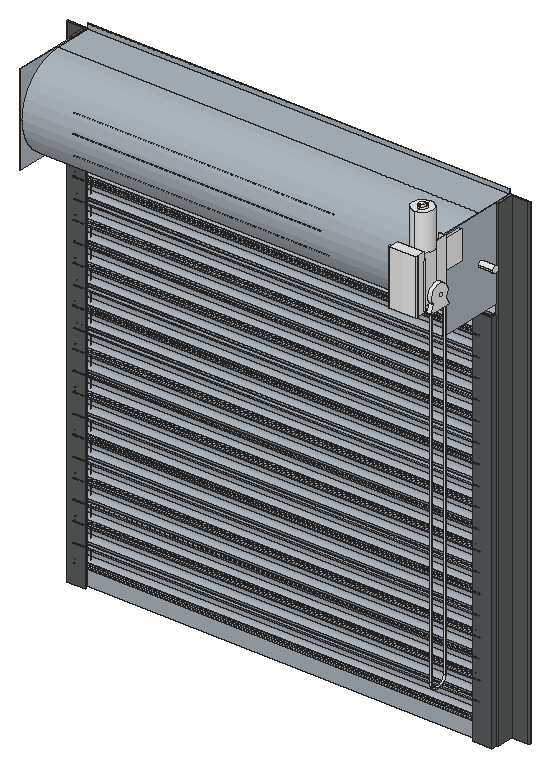
Revit family "Doors_Industrial_Wayne-Dalton_Forced-Entry-Shelter-Door-800FE_", category Specialty Equipment, host Wall, Revit 2019
Family settings
  Host = Wall
  Round Connector Dimension = Use Diameter
  Part Type = Normal
  OmniClass Number = 23.30.10.21.34
  OmniClass Title = Industrial Doors
  Always vertical = Yes
  Cut with Voids When Loaded = Yes
  Shared = No
  Room Calculation Point = No
Parameters (values of type "115 volts, one phase, 60 Hz (110-120V range)")
  Warning Sign [instance] = if(Calculated Area > 683.00 SF, 1 = 1, 1 = 2)  # no
  Warning (Note) [instance] = if(Warning Sign, "The Door Area is out of the limit; please adjust accordingly. The maximum allowed area is 683 sq. ft.", if(Opening Height > 360", "Headroom Clearance Dimensions - out of the limits. Consult Factory", " "))  # " "
  Wall Thickness [instance] = 6"
  Voltage = 115 V
  True Opening Width [instance] = Clear Width  # 120"
  True Opening Height [instance] = Clear Height  # 120"
  Slat Type [instance] = "6” Curved Slat"  # constant formula
  Slat Material [instance] = Steel - Wayne Dalton - Gray
  Slat Length [instance] = Clear Width + G Value * 2 - 1" / 2 * 2  # 131"
  Slat Height [instance] = 17 251/256"  # constant formula
  Slat [instance] = 1  # constant formula
  Product Page URL = "https://www.wayne-dalton.com/commercial/detail/rolling-storm-shelter-doors"
  Power Factor = 1
  Powder Coat (Note) = "Wayne Dalton also offers approximately 200 RAL powder coat options to complement the exterior colors of a building."  # constant formula
  Opening Width Real [instance] = if(Opening Width > Max Opening Width, Max Opening Width, if(Opening Width < Min Opening Width, Min Opening Width, Opening Width))  # 120"
  Opening Width [instance] = 120"
  Opening Height Real [instance] = if(Opening Height > Max Opening Height, Max Opening Height, if(Opening Height < Min Opening Height, Min Opening Height, Opening Height))  # 120"
  Opening Height [instance] = 120"
  One Array element [instance] = not(Array Vis)  # no
  Number of Poles = 1
  Motor Type [instance] = if(Motor Option < 2, "GCL-GH Front of Hood", if(Motor Option = 2, "GCL-GH Top of Hood", if(Motor Option = 3, "GCL-GH Wall Mount", "GCL-GH Bench Mount")))  # "GCL-GH Front of Hood"
  Motor Selection (Note) [instance] = "Generic operator shown. Contact Wayne Dalton when dimensions are critical."  # constant formula
  Motor Position [instance] = M Value - G Value  # 6"
  Motor Option Real [instance] = if(Motor Option < 1, 1, if(Motor Option > 4, 4, Motor Option))  # 1
  Motor Option [instance] = 1
  Min Opening Width [instance] = 60"  # constant formula
  Min Opening Height [instance] = 60"  # constant formula
  Max Opening Width [instance] = 192"  # constant formula
  Max Opening Height [instance] = 192"  # constant formula
  M Value [instance] = if(Guide Option < 2, 12", 6 1/2")  # 12"
  Lookup BD [instance] = if(True Opening Height = 60", 20", if(or(True Opening Height = 84", True Opening Height < 84"), 22", if(or(True Opening Height = 108", True Opening Height < 108"), 24", if(or(True Opening Height = 132", True Opening Height < 132"), 26", if(or(True Opening Height = 156", True Opening Height < 156"), 28", if(or(True Opening Height = 180", True Opening Height < 180"), 30", 32"))))))  # 26"
  Jambs Offset [instance] = 0"  # constant formula
  Installation Real [instance] = Wall Thickness  # 6"
  Hood Type [instance] = "Round Hood"  # constant formula
  Hood Offset [instance] = 3"  # constant formula
  Hood Material [instance] = Metal - Wayne Dalton - Gray
  Hood Height [instance] = Headroom Height Real - Hood Offset  # 28"
  Lookup HH [instance] = if(True Opening Height = 60", 22", if(or(True Opening Height = 84", True Opening Height < 84"), 24", if(or(True Opening Height = 108", True Opening Height < 108"), 26", if(or(True Opening Height = 132", True Opening Height < 132"), 28", if(or(True Opening Height = 156", True Opening Height < 156"), 30", if(or(True Opening Height = 180", True Opening Height < 180"), 32", 34"))))))  # 28"
  Headroom Height Real [instance] = Lookup HH + 3"  # 31"
  Headroom Height [instance] = Headroom Height Real + 1 1/2"  # 32 1/2"
  Guide Type [instance] = if(Guide Option < 2, "Angled Z Guide", "Angled E Guide")  # "Angled Z Guide"
  Guide Option [instance] = 1
  Guid Depth [instance] = D Value  # 7 3/4"
  G Value [instance] = 6"  # constant formula
  Frequency = 60 Hz
  Face of Wall Offset [instance] = 5"  # constant formula
  Face Of Wall Mounting [instance] = 1 = 1  # yes
  Door Width True [instance] = Clear Width + M Value * 2  # 144"
  Door Width (Real) [instance] = Clear Width + 1" / 2  # 120 1/2"
  Door Height True [instance] = Clear Width + Headroom Height  # 152 1/2"
  Door Height (Real) [instance] = Clear Height + Hood Offset  # 123"
  URL = "https://www.wayne-dalton.com/"
  Product data url = "https://www.bimobject.com/wayne-dalton/product/Rolling-Steel-Storm-Shelter-Doors-800F-800FR-800FE"
  Product Guid = "a04ebdf7-09ea-4b46-b3cc-19d8dcdac487"
  Model = "800FE"  # constant formula
  Manufacturer = "Wayne Dalton"  # constant formula
  Wall Closure = By host
  Floor To (CL) of Shaft [instance] = Clear Height + Hood Height / 2 + Hood Offset  # 137"
  Finish Material = Finish - Wayne Dalton - Black
  Description = "Model 800FE Rolling Steel Storm Shelter Door ASTM-F3038-21, NIJ Standard 0108.01"  # constant formula
  D Value [instance] = 7 3/4"  # constant formula
  Clear Width [instance] = Opening Width Real  # 120"
  Clear Height [instance] = Opening Height Real  # 120"
  Current = 20 A
  Connector Array Distance = 0"  # constant formula
  Bar [instance] = 1 = 1  # yes
  Backroom Depth [instance] = Lookup BD  # 26"
  BJ Opening Cut [instance] = 0"  # constant formula
  BJ Displacement Real [instance] = 0"  # constant formula
  Array Vis [instance] = if(Array < 2, 1 = 2, 1 = 1)  # yes
  Array Real [instance] = if(Array < 2, 2, Array)  # 7
  Array Length [instance] = (Array) * Slat Height  # 125 221/256"
  Array [instance] = rounddown(([Door Height (Real)] - 5 11/256") / Slat Height) + 1  # 7
  Calculated Area [instance] = [Door Width (Real)] * [Door Height (Real)]  # 102.927 SF
  Apparent Load Phase 3 = if(Number of Poles = 1, 0 VA, (Voltage * Current * sqrt(3)) / 3)  # 0 VA
  Apparent Load Phase 2 = if(Number of Poles = 1, 0 VA, (Voltage * Current * sqrt(3)) / 3)  # 0 VA
  Apparent Load Phase 1 = if(Number of Poles = 1, Voltage * Current, (Voltage * Current * sqrt(3)) / 3)  # 2300 VA
Reference planes (in)
  plane 1 "Center (Front/Back)": y = -14.625
  plane 2 "Center (Left/Right)": x = 0
  plane 3 "Left": x = -60
  plane 4 "Right": x = 60
  plane 5 "Exterior": y = -8.625
  plane 6 "Interior": y = -14.625
  plane 7: x = 72
  plane 8: x = -72
  plane 9: z = 120
  plane 10 "Main": y = -21.73437
  plane 11 "Backroom Depth": y = -32.125
  plane 12 "Main Door Block": y = -6.125
  plane 13 "Bottom Bar": z = 5.04124
  plane 14: y = -22.375
  plane 15: z = 130.90452
  plane 16: z = 151
  plane 17: z = 123
  plane 18: z = 152.5
  plane 19: z = 0
  plane 20: z = 60
  plane 21: y = -20.90625
  plane 22: y = 18.375
  plane 23: y = -41.625
  plane 24 "Headroom Top": z = 152.5
  plane 25: z = 137
  plane 26: x = 66
  plane 27: x = -66
  plane 28: z = 112.92405
Forms (in)
  Extrusion 1, void
    sketch origin (0, -6.125, 0) x (0, 0, -1) y (-1, 0, 0)
      loop
        line (-120, 60) -> (-120, -60) -> (0, -60) -> (0, 60) -> (-120, 60)
    from -8.5 to -2.5
  Extrusion 2, solid, material "Metal - Wayne Dalton - Gray" <- "Hood Material", visible <- "Bar"
    sketch origin (0, 0, 0) x (0, 1, 0) y (0, 0, 1)
      loop
        line (-14.875, 151) -> (-14.625, 151) -> (-14.625, 152.5) -> (-14.875, 152.5) -> (-14.875, 151)
    from -65.625 to 65.625
Lines and regions (in)
  symbolic lines, visible <- "Bar"
    curve 1: line (65.625, -14.625, 0) -> (-65.625, -14.625, 0)
    curve 2: line (-65.625, -14.875, 0) -> (65.625, -14.875, 0)
Text (in)
  text "Exterior" at (-74.96733, 27.31104, 0), in view "Ref. Level"
  text "Interior" at (-74.96733, -25.14366, 0), in view "Ref. Level"
  text "Exterior" at (0, 40.15149, 123.01588), in view "Right"
  text "Interior" at (0, -64.39139, 123.01588), in view "Right"
  text "Interior" at (0, -31.01599, 123.00693), in view "Left"
  text "Exterior" at (0, 54.57065, 123.00693), in view "Left"
Dimensions and locks (in)
  equal spacing: plane 3 "Left", plane 2 "Center (Left/Right)", plane 4 "Right"
  "Clear Width": plane 3 "Left" to plane 4 "Right"
  level to host wall = 459.59655"
  "Clear Height": level to plane 9
  plane 7 to plane 8 = 144"
  equal spacing: plane 7, plane 2 "Center (Left/Right)", plane 8
  locked: plane 13 "Bottom Bar" to level at 5.04124
  "Door Width True": plane 7 to plane 8
  locked: plane 14 to plane 10 "Main" at 0.64063
  "Array Length": plane 15 to plane 13 "Bottom Bar"
  "Backroom Depth": plane 11 "Backroom Depth" to plane 12 "Main Door Block"
  "Hood Height": plane 16 to plane 17
  locked: plane 18 to plane 16 at 1.5
  locked: Extrusion 2 sketch curve to Extrusion 2 sketch curve at 0.25
  "Installation Real": plane 1 "Center (Front/Back)" to plane 5 "Exterior"
  "Wall Thickness": host wall to host wall
  equal spacing: plane 9, plane 20, plane 19
  locked: plane 10 "Main" to plane 21 at 0.82812
  equal spacing: plane 22, host wall, plane 23
  locked: plane 22 to plane 23 at 60
  "BJ Opening Cut": Extrusion 1 sketch curve to plane 9
  locked: Extrusion 2 sketch curve to Extrusion 2 sketch curve at 1.5
  "Hood Offset": plane 17 to plane 9
  "Headroom Height": plane 24 "Headroom Top" to plane 9
  "Floor To (CL) of Shaft": plane 25 to level
  "Jambs Offset": plane 4 "Right" to Extrusion 1 sketch curve
  "Jambs Offset": Extrusion 1 sketch curve to plane 3 "Left"
  "Motor Position": plane 7 to plane 26
  "Motor Position": plane 27 to plane 8
  locked: plane 27 to Extrusion 2 at 0.375
  locked: Extrusion 2 to plane 26 at 0.375
  "Guid Depth": plane 14 to plane 1 "Center (Front/Back)"
  "Slat Height": plane 15 to plane 28
  equal spacing: group 1, group 3, group 4, group 5, group 6, group 7, group 2  (x3)
  aligned and locked: plane 5 "Exterior" to host wall
  aligned and locked: host wall to plane 6 "Interior"
  aligned and locked: level to Extrusion 1 sketch curve
  aligned and locked: Extrusion 1 to plane 5 "Exterior"
  aligned and locked: plane 6 "Interior" to Extrusion 1
  aligned and locked: nested 1 to plane 2 "Center (Left/Right)"
  aligned and locked: plane 16 to nested 2
  aligned and locked: nested 1 to level
  aligned and locked: Extrusion 2 sketch curve to plane 18
  aligned and locked: Extrusion 2 sketch curve to plane 6 "Interior"
  aligned and locked: curve 1 to Extrusion 2  (x2)
  aligned and locked: curve 2 to Extrusion 2  (x2)
  aligned and locked: Extrusion 2 to curve 2
  aligned and locked: nested 2 to plane 5 "Exterior"
  aligned and locked: level to plane 19
  aligned and locked: nested 1 to plane 1 "Center (Front/Back)"
  aligned and locked: plane 2 "Center (Left/Right)" to nested 3
  aligned and locked: nested 3 to plane 22
  aligned and locked: plane 23 to nested 4
  aligned and locked: nested 4 to plane 2 "Center (Left/Right)"
  aligned and locked: nested 5 to plane 20
  aligned and locked: plane 2 "Center (Left/Right)" to nested 5
  aligned and locked: nested 2 to plane 26
  aligned and locked: plane 13 "Bottom Bar" to nested 6
  aligned and locked: plane 28 to nested 8
  aligned and locked: nested 8 to plane 21
  aligned and locked: plane 21 to nested 6
  aligned and locked: plane 13 "Bottom Bar" to nested 7
  aligned and locked: plane 21 to nested 7
  aligned and locked: nested 5 to plane 21
Automatic sketch dimensions
  curve 1 to curve 2 = 0"
Nested families (in)
  nested 1: "Lifts" at (0, -14.625, 0), type "Frame Unit"
    with Round Hood yes
  nested 2: "Motor" at (64.56, -48.505, 135.25), type "Trolley Motor"
    with Wall Mount RSX no, Horizontal Mount 7.88", Vertical Mount 15 3/4", Motor Option 1, Hood Width Real 26", Hood Mount 0.37", Face+Top yes, Face Mount RSX yes, Face + Top + Bench yes
  nested 3: "Label Annotation 1" at (0, 18.375, 0), visible <- "Warning Sign", type "Label Annotation 1"
  nested 4: "Label Annotation 1" at (0, -41.625, 0) x (-1, 0, 0) z (0, 0, 1), visible <- "Warning Sign", type "Label Annotation 1"
  nested 5: "Warning Sign" at (0, -20.90625, 60), visible <- "Warning Sign", type "Warning Sign"
    with Warning Sign no
  nested 6: "610F" at (0, -20.90625, 5.04124), Opening Width <- "Slat Length", visible <- "Array Vis", type "Standard - Gray"
    with Slat Width 1.438", Slat Position 17.979", Opening Width 131"
  nested 7: "610F" at (0, -20.90625, 5.04124), visible <- "One Array element", Opening Width <- "Slat Length", type "Standard - Gray"
    with Slat Width 1.438", Slat Position 17.979", Opening Width 131"
  nested 8: "610F" at (0, -20.90625, 112.92405), Opening Width <- "Slat Length", visible <- "Array Vis", type "Standard - Gray"
    with Slat Width 1.438", Slat Position 17.979", Opening Width 131"
  nested 9: "610F" at (0, -20.90625, 23.02171), Opening Width <- "Slat Length", visible <- "Array Vis", type "Standard - Gray"
    with Slat Width 1.438", Slat Position 17.979", Opening Width 131"
  nested 10: "610F" at (0, -20.90625, 41.00218), Opening Width <- "Slat Length", visible <- "Array Vis", type "Standard - Gray"
    with Slat Width 1.438", Slat Position 17.979", Opening Width 131"
  nested 11: "610F" at (0, -20.90625, 58.98265), Opening Width <- "Slat Length", visible <- "Array Vis", type "Standard - Gray"
    with Slat Width 1.438", Slat Position 17.979", Opening Width 131"
  nested 12: "610F" at (0, -20.90625, 76.96311), Opening Width <- "Slat Length", visible <- "Array Vis", type "Standard - Gray"
    with Slat Width 1.438", Slat Position 17.979", Opening Width 131"
  nested 13: "610F" at (0, -20.90625, 94.94358), Opening Width <- "Slat Length", visible <- "Array Vis", type "Standard - Gray"
    with Slat Width 1.438", Slat Position 17.979", Opening Width 131"
Connectors (in)
  electrical at (67.548, -46.92906, 143.05), driven by "Apparent Load Phase 1", driven by "Power Factor", driven by "Voltage", driven by "Apparent Load Phase 2", driven by "Apparent Load Phase 3", driven by "Number of Poles"
    settings: on nested 2, index 1, voltage 115 V, apparent load 0 VA, apparent load phase1 2300 VA, apparent load phase2 0 VA, apparent load phase3 0 VA, power factor 1, load classification "Other", number of poles 1, system type 31, power factor state 1, is connector primary yes, connector utility no, sub classification motor no, connector description "Electrical Connector"
Definition of nested family "Lifts"
  Parameters (values of type "Frame Unit")
    Void Height = if(Guide Option < 2, 0", Headroom Height Real)  # 0"
    True Width = Opening Width + 1/2"  # 120 1/2"
    Rounding 2 = Guide Thickness 2 - 0.031"  # 0.469"
    Rounding 1 = Guide Thickness 1 - 0.031"  # 0.344"
    Round Hood [instance] = 1 = 1  # yes
    Rough Width = 0"
    Rough Height = 0"
    Main Bracket Profile Height = 5" + 1 3/4"  # 6 3/4"
    M Value = 13"
    Inner Profile Height = 4"  # constant formula
    Hood Offset = 3"
    Hood Height = Headroom Height Real - Hood Offset  # 28"
    Headroom Height Real = Headroom Height  # 31"
    Half Hood Height = Headroom Height - Hood Offset  # 28"
    Guide Thickness 2 = 1/2"  # constant formula
    Guide Thickness 1 = 3/8"  # constant formula
    G Value = 6"
    E Guide Width = if(Guide Option < 2, 6", 6")  # 6"
    E Guide Height = 6"  # constant formula
    Z Guide = if(Guide Option < 2, 1 = 1, 1 = 2)  # yes
    Slat Material = none
    Shaft Offset = (Header Width - (Header Width - Hood Height)) / 2  # 14"
    Shaft Material = none
    Shaft Length 2 = G Value + 4 3/4"  # 10 3/4"
    Shaft Length 1 = G Value + 4 3/4"  # 10 3/4"
    Setback = 1/4"  # constant formula
    Radius Hood = Shaft Offset  # 14"
    Opening Width = 120"
    Hood Material = none
    Headroom Height = 31"
    Header Width = 26"
    Opening Height = 120"
    Guide Type = if(Guide Option = 1, "Angled Z Guide", "Angled E Guide")  # "Angled Z Guide"
    Guide Option = 1
    Guide Offset = BJ Displacement + G Value  # 6"
    Guide Z Wide = if(Guide Option < 2, M Value - G Value, 6")  # 7"
    Guide Z Height = 6"  # constant formula
    Floor To (CL) of Shaft = 137"
    Finish Material = none
    Face to Wall Mount = not(Between Jambs)  # yes
    E Guide = not(Z Guide)  # no
    D Value = 7 3/4"
    Between Jambs = 1 = 2  # no
    BJ Position = 0"  # constant formula
    BJ Displacement = if(Guide Option < 2, 0", Guide Thickness 2)  # 0"
    BJ Connection Length = 1 / 3 * BJ Displacement  # 0"
    Angled Guide = 1 = 1  # yes
  Reference planes (in)
    plane 1 "Center (Front/Back)": y = 0
    plane 2: z = 0
    plane 3 "Center (Left/Right)": x = 0
    plane 4 "Opening Height": z = 120
    plane 5: x = -70.75
    plane 6: x = 70.75
    plane 7: z = 151
    plane 8: y = 26
    plane 9 "Real Opening 2": x = -60
    plane 10 "Real Opening 1": x = 60
    plane 11: z = 123
    plane 12 "Main": y = 0
    plane 13: z = 137
    plane 14: y = 12
    plane 15: x = 66
    plane 16: x = -66
    plane 17: x = -66
    plane 18: x = 66
    plane 19: y = 7.75
    plane 20: x = -65.625
    plane 21: x = 65.625
    plane 22: z = 152.5
    plane 23: y = 7.75
    plane 24: y = 5.75
    plane 25: y = 7.75
    plane 26: y = 5.75
  Forms (in)
    Extrusion 1, solid, material <- "Slat Material"
      sketch origin (0, 0, 0) x (0, 1, 0) y (0, 0, 1)
        loop
          line (6.25, 4.72874) -> (6.25, 5.35374) -> (5.25, 5.35374) -> (5.25, 4.72874) -> (6.25, 4.72874)
      from -65.625 to 65.625
    Extrusion 2, solid, material <- "Slat Material"
      sketch origin (0, 0, 0) x (0, 1, 0) y (0, 0, 1)
        loop
          line (6.25, 4.72874) -> (5.25, 4.72874) -> (5.25, 0) -> (6.25, 0) -> (6.25, 4.72874)
      from -65.625 to 65.625
    Extrusion 3, solid, material <- "Shaft Material"
      sketch origin (0, -5.35201, 0) x (0, 1, 0) y (0, 0, 1)
        loop
          circle (17.35201, 137) r 1
      from -70.75 to 70.75
    Extrusion 4, solid, material <- "Hood Material", visible <- "Round Hood"
      sketch origin (0, 0, 0) x (0, 1, 0) y (0, 0, 1)
        loop
          line (0, 151) -> (0, 123) -> (12, 123)
          arc (12, 123) -> (26, 137) -> (12, 151) r 14
          line (12, 151) -> (0, 151)
      from -65.625 to 65.625
    Extrusion 5, solid, material <- "Finish Material", visible <- "E Guide"
      sketch origin (0, 0, 0) x (1, 0, 0) y (0, 1, 0)
        loop
          line (60, 0) -> (66, 0) -> (66, 6) -> (65.969, 6)
          arc (65.969, 6) -> (65.63737, 5.86263) -> (65.5, 5.531) r 0.469
          line (65.5, 5.531) -> (65.5, 0.5) -> (60.469, 0.5)
          arc (60.469, 0.5) -> (60.13737, 0.36263) -> (60, 0.031) r 0.469
          line (60, 0.031) -> (60, 0)
        loop
          line (-60, 0) -> (-60, 0.031)
          arc (-60, 0.031) -> (-60.13737, 0.36263) -> (-60.469, 0.5) r 0.469
          line (-60.469, 0.5) -> (-65.5, 0.5) -> (-65.5, 5.531)
          arc (-65.5, 5.531) -> (-65.63737, 5.86263) -> (-65.969, 6) r 0.469
          line (-65.969, 6) -> (-66, 6) -> (-66, 0) -> (-60, 0)
      from 0 to 151
    Extrusion 6, solid, material <- "Finish Material", visible <- "Z Guide"
      sketch origin (0, 0, 0) x (1, 0, 0) y (0, 1, 0)
        loop
          line (73, 0) -> (73, 0.031)
          arc (73, 0.031) -> (72.86263, 0.36263) -> (72.531, 0.5) r 0.469
          line (72.531, 0.5) -> (66.5, 0.5) -> (66.5, 5.531)
          arc (66.5, 5.531) -> (66.36263, 5.86263) -> (66.031, 6) r 0.469
          line (66.031, 6) -> (66, 6) -> (66, 0) -> (73, 0)
        loop
          line (-73, 0) -> (-66, 0) -> (-66, 6) -> (-66.031, 6)
          arc (-66.031, 6) -> (-66.36263, 5.86263) -> (-66.5, 5.531) r 0.469
          line (-66.5, 5.531) -> (-66.5, 0.5) -> (-72.531, 0.5)
          arc (-72.531, 0.5) -> (-72.86263, 0.36263) -> (-73, 0.031) r 0.469
          line (-73, 0.031) -> (-73, 0)
      from 0 to 151
    Extrusion 7, solid, material <- "Finish Material", visible <- "Angled Guide"
      sketch origin (0, 0, 0) x (1, 0, 0) y (0, 1, 0)
        loop
          line (60.25, 7.75) -> (60.25, 7.719)
          arc (60.25, 7.719) -> (60.35076, 7.47576) -> (60.594, 7.375) r 0.344
          line (60.594, 7.375) -> (60.75, 7.375) -> (60.75, 6.625) -> (62.25, 6.625) -> (62.25, 7.375) -> (65.625, 7.375) -> (65.625, 4.125) -> (62.75, 4.125) -> (62.75, 4.875) -> (60.75, 4.875) -> (60.75, 4.094)
          arc (60.75, 4.094) -> (60.85076, 3.85076) -> (61.094, 3.75) r 0.344
          line (61.094, 3.75) -> (65.25, 3.75) -> (65.25, 1) -> (66, 1) -> (66, 7.75) -> (60.25, 7.75)
        loop
          line (-60.25, 7.75) -> (-66, 7.75) -> (-66, 1) -> (-65.25, 1) -> (-65.25, 3.75) -> (-61.094, 3.75)
          arc (-61.094, 3.75) -> (-60.85076, 3.85076) -> (-60.75, 4.094) r 0.344
          line (-60.75, 4.094) -> (-60.75, 4.875) -> (-62.75, 4.875) -> (-62.75, 4.125) -> (-65.625, 4.125) -> (-65.625, 7.375) -> (-62.25, 7.375) -> (-62.25, 6.625) -> (-60.75, 6.625) -> (-60.75, 7.375) -> (-60.594, 7.375)
          arc (-60.594, 7.375) -> (-60.35076, 7.47576) -> (-60.25, 7.719) r 0.344
          line (-60.25, 7.719) -> (-60.25, 7.75)
      from 0 to 120
    Extrusion 8, solid, material <- "Hood Material"
      sketch origin (0, 0, 0) x (-1, 0, 0) y (0, 0, 1)
        loop
          line (65.625, 123) -> (66, 123) -> (66, 151) -> (65.625, 151) -> (65.625, 123)
        loop
          line (-66, 123) -> (-65.625, 123) -> (-65.625, 151) -> (-66, 151) -> (-66, 123)
      from 0 to 26
    Extrusion 9, void
      sketch origin (0, -63.05955, 151) x (1, 0, 0) y (0, -1, 0)
        loop
          line (-66, -63.05955) -> (-66, -63.55955) -> (-60.469, -63.55955)
          arc (-60.469, -63.55955) -> (-60.13737, -63.42218) -> (-60, -63.09055) r 0.469
          line (-60, -63.09055) -> (-60, -63.05955) -> (-66, -63.05955)
        loop
          line (66, -63.05955) -> (60, -63.05955) -> (60, -63.09055)
          arc (60, -63.09055) -> (60.13737, -63.42218) -> (60.469, -63.55955) r 0.469
          line (60.469, -63.55955) -> (66, -63.55955) -> (66, -63.05955)
      from 0 <- "Void Height" to -1.5
  Cuts and joins
    Extrusion 9 cuts Extrusion 4
    Extrusion 9 cuts Extrusion 8
  Lines and regions (in)
    Masking region 1
      outline origin (0, 0, 0) x (1, 0, 0) y (0, 1, 0)
        loop
          line (70.75, 13) -> (66, 13) -> (66, 11) -> (70.75, 11) -> (70.75, 13)
        loop
          line (-70.75, 11) -> (-66, 11) -> (-66, 13) -> (-70.75, 13) -> (-70.75, 11)
    Masking region 2
      outline origin (0, 0, 0) x (1, 0, 0) y (0, 1, 0)
        loop
          line (-66, 26) -> (-66, 0) -> (66, 0) -> (66, 26) -> (-66, 26)
    Masking region 3, visible <- "Z Guide"
      outline origin (0, 0, 0) x (1, 0, 0) y (0, 1, 0)
        loop
          line (72.531, 0.5) -> (66.5, 0.5) -> (66.5, 5.531)
          arc (66.5, 5.531) -> (66.36263, 5.86263) -> (66.031, 6) r 0.469
          line (66.031, 6) -> (66, 6) -> (66, 0) -> (73, 0) -> (73, 0.031)
          arc (73, 0.031) -> (72.86263, 0.36263) -> (72.531, 0.5) r 0.469
        loop
          line (-66.5, 0.5) -> (-72.531, 0.5)
          arc (-72.531, 0.5) -> (-72.86263, 0.36263) -> (-73, 0.031) r 0.469
          line (-73, 0.031) -> (-73, 0) -> (-66, 0) -> (-66, 6) -> (-66.031, 6)
          arc (-66.031, 6) -> (-66.36263, 5.86263) -> (-66.5, 5.531) r 0.469
          line (-66.5, 5.531) -> (-66.5, 0.5)
    Masking region 4, visible <- "E Guide"
      outline origin (0, 0, 0) x (1, 0, 0) y (0, 1, 0)
        loop
          line (-66, 6) -> (-66, 0) -> (-60, 0) -> (-60, 0.031)
          arc (-60, 0.031) -> (-60.13737, 0.36263) -> (-60.469, 0.5) r 0.469
          line (-60.469, 0.5) -> (-65.5, 0.5) -> (-65.5, 5.531)
          arc (-65.5, 5.531) -> (-65.63737, 5.86263) -> (-65.969, 6) r 0.469
          line (-65.969, 6) -> (-66, 6)
        loop
          line (66, 0) -> (66, 6) -> (65.969, 6)
          arc (65.969, 6) -> (65.63737, 5.86263) -> (65.5, 5.531) r 0.469
          line (65.5, 5.531) -> (65.5, 0.5) -> (60.469, 0.5)
          arc (60.469, 0.5) -> (60.13737, 0.36263) -> (60, 0.031) r 0.469
          line (60, 0.031) -> (60, 0) -> (66, 0)
    symbolic lines
      curve 1: line (-65.625, 0, 0) -> (-65.625, 26, 0)
      curve 2: line (65.625, 26, 0) -> (65.625, 0, 0)
  Dimensions and locks (in)
    locked: Extrusion 1 sketch curve to level at 4.72874
    locked: Extrusion 1 sketch curve to Extrusion 1 sketch curve at 1
    Extrusion 2 sketch curve to level = 4.72874"
    "Headroom Height Real": plane 7 to plane 4 "Opening Height"
    plane 8 to plane 1 "Center (Front/Back)" = 26"
    "Radius Hood": Extrusion 4 sketch curve to plane 8
    "Opening Height": plane 4 "Opening Height" to level
    "Hood Offset": plane 11 to plane 4 "Opening Height"
    "BJ Position": plane 12 "Main" to plane 1 "Center (Front/Back)"
    "Header Width": plane 12 "Main" to plane 8
    "Floor To (CL) of Shaft": plane 13 to level
    "Shaft Offset": Extrusion 3 sketch curve to plane 8
    locked: Extrusion 2 sketch curve to Extrusion 2 sketch curve at 1
    "Shaft Offset": plane 8 to plane 14
    locked: Masking region 1 sketch curve to Masking region 1 sketch curve at 2
    locked: Masking region 1 sketch curve to plane 14 at 1
    "Guide Offset": plane 10 "Real Opening 1" to plane 15
    "Guide Offset": plane 16 to plane 9 "Real Opening 2"
    "Guide Thickness 2": Extrusion 5 sketch curve to Extrusion 5 sketch curve  (x4)
    "E Guide Height": Extrusion 5 sketch curve to Extrusion 5 sketch curve  (x2)
    "E Guide Width": Extrusion 5 sketch curve to Extrusion 5 sketch curve  (x2)
    "Guide Thickness 2": Extrusion 6 sketch curve to Extrusion 6 sketch curve  (x4)
    "Guide Z Wide": Extrusion 6 sketch curve to Extrusion 6 sketch curve  (x2)
    "Guide Z Height": Extrusion 6 sketch curve to Extrusion 6 sketch curve  (x2)
    "Guide Thickness 1": Extrusion 7 sketch curve to Extrusion 7 sketch curve  (x8)
    "Inner Profile Height": Extrusion 7 sketch curve to Extrusion 7 sketch curve  (x2)
    "Main Bracket Profile Height": Extrusion 7 sketch curve to Extrusion 7 sketch curve  (x2)
    "Setback": plane 10 "Real Opening 1" to Extrusion 7 sketch curve
    "Setback": Extrusion 7 sketch curve to plane 9 "Real Opening 2"
    equal spacing: plane 16, plane 3 "Center (Left/Right)", plane 15
    "G Value": Extrusion 6 sketch curve to plane 9 "Real Opening 2"
    "G Value": plane 10 "Real Opening 1" to Extrusion 6 sketch curve
    "G Value": plane 10 "Real Opening 1" to plane 18
    "G Value": plane 17 to plane 9 "Real Opening 2"
    "Shaft Length 1": plane 5 to plane 9 "Real Opening 2"
    "Shaft Length 2": plane 6 to plane 10 "Real Opening 1"
    Extrusion 2 to plane 18 = 3/8"
    Extrusion 2 to plane 17 = 3/8"
    plane 17 to plane 20 = 3/8"
    locked: plane 21 to plane 18 at 0.375
    equal spacing: plane 9 "Real Opening 2", plane 3 "Center (Left/Right)", plane 10 "Real Opening 1"
    "Opening Width": plane 9 "Real Opening 2" to plane 10 "Real Opening 1"
    locked: plane 22 to plane 7 at 1.5
    "D Value": plane 1 "Center (Front/Back)" to plane 19
    "D Value": plane 23 to plane 1 "Center (Front/Back)"
    plane 23 to plane 24 = 2"
    equal spacing: Extrusion 1 sketch curve, plane 24, Extrusion 1 sketch curve
    "D Value": plane 25 to plane 1 "Center (Front/Back)"
    locked: plane 25 to plane 26 at 2
    equal spacing: Extrusion 2 sketch curve, plane 26, Extrusion 2 sketch curve
    "G Value": plane 10 "Real Opening 1" to Extrusion 7 sketch curve
    "G Value": Extrusion 7 sketch curve to plane 9 "Real Opening 2"
    "Guide Thickness 2": Extrusion 7 sketch curve to Extrusion 7 sketch curve  (x4)
    locked: Extrusion 7 sketch curve to Extrusion 7 sketch curve at 1.5  (x2)
    locked: Extrusion 7 sketch curve to Extrusion 7 sketch curve at 0.75  (x2)
    locked: Extrusion 1 sketch curve to Extrusion 1 sketch curve at 0.625
    "E Guide Width": Extrusion 9 sketch curve to Extrusion 9 sketch curve  (x2)
    "Guide Thickness 2": Extrusion 9 sketch curve to Extrusion 9 sketch curve  (x2)
    "Rounding 2": radius of Extrusion 5 sketch curve  (x4)
    "Rounding 2": radius of Extrusion 6 sketch curve  (x4)
    "Rounding 1": radius of Extrusion 7 sketch curve  (x4)
    "Rounding 2": radius of Extrusion 9 sketch curve  (x2)
    aligned and locked: plane 2 to level
    aligned and locked: plane 5 to Extrusion 3
    aligned and locked: Extrusion 3 to plane 6
    aligned and locked: Extrusion 4 sketch curve to plane 7
    aligned and locked: plane 13 to Extrusion 3 sketch curve
    aligned and locked: plane 5 to Masking region 1 sketch curve
    aligned and locked: plane 6 to Masking region 1 sketch curve
    aligned and locked: Masking region 1 sketch curve to Masking region 1 sketch curve  (x2)
    aligned and locked: plane 12 "Main" to Extrusion 5 sketch curve  (x2)
    aligned and locked: Extrusion 5 sketch curve to plane 15
    aligned and locked: plane 16 to Extrusion 5 sketch curve
    aligned and locked: Extrusion 6 sketch curve to plane 1 "Center (Front/Back)"  (x2)
    aligned and locked: plane 19 to Extrusion 7 sketch curve
    aligned and locked: Extrusion 7 sketch curve to plane 19
    aligned and locked: plane 4 "Opening Height" to Extrusion 7
    aligned and locked: Extrusion 4 sketch curve to plane 12 "Main"
    aligned and locked: Extrusion 8 sketch curve to plane 11
    aligned and locked: Extrusion 8 sketch curve to plane 7
    aligned and locked: plane 17 to Extrusion 8 sketch curve
    aligned and locked: Extrusion 8 sketch curve to plane 18
    aligned and locked: plane 7 to Extrusion 8 sketch curve
    aligned and locked: plane 11 to Extrusion 8 sketch curve
    aligned and locked: Masking region 2 to curve 2  (x2)
    aligned and locked: Masking region 2 to curve 1  (x2)
    aligned and locked: Masking region 3 sketch curve to Extrusion 6  (x10)
    aligned and locked: Extrusion 6 to Masking region 3 sketch curve
    aligned and locked: Masking region 4 sketch curve to Extrusion 5  (x10)
    aligned and locked: Extrusion 8 to curve 1
    aligned and locked: Extrusion 8 to curve 2
    aligned and locked: Masking region 2 to plane 17
    aligned and locked: Masking region 2 to plane 18
    aligned and locked: plane 18 to Masking region 1 sketch curve
    aligned and locked: Masking region 1 sketch curve to plane 17
    aligned and locked: plane 20 to Extrusion 8 sketch curve
    aligned and locked: plane 21 to Extrusion 8 sketch curve
    aligned and locked: Extrusion 4 to plane 20
    aligned and locked: Extrusion 4 to plane 21
    aligned and locked: plane 8 to Extrusion 8
    aligned and locked: Extrusion 6 to plane 7
    aligned and locked: Extrusion 5 to plane 7
    aligned and locked: Extrusion 4 sketch curve to plane 11
    aligned and locked: Extrusion 7 sketch curve to Extrusion 7 sketch curve  (x6)
    aligned and locked: plane 16 to Extrusion 9 sketch curve
    aligned and locked: Extrusion 9 sketch curve to plane 12 "Main"  (x2)
    aligned and locked: Extrusion 9 sketch curve to plane 15
    aligned and locked: Extrusion 9 to plane 22
    aligned and locked: plane 20 to Extrusion 1
    aligned and locked: plane 20 to Extrusion 2
    aligned and locked: Extrusion 2 to plane 21
    aligned and locked: Extrusion 1 to plane 21
  Automatic sketch dimensions
    Masking region 2 sketch curve to plane 1 "Center (Front/Back)" = 0"
    Masking region 2 sketch curve to plane 17 = 0"
    Masking region 2 sketch curve to plane 18 = 0"
    Masking region 2 sketch curve to plane 8 = 0"
    Extrusion 2 sketch curve to level = 0"
    radius of Extrusion 3 sketch curve = 1"
Definition of nested family "Motor"
  Parameters (values of type "Trolley Motor")
    Wall Mount RSX = if(Chain Hoist, 1 = 2, if(Motor Option = 3, 1 = 1, 1 = 2))  # yes
    Top Mount RSX = if(Chain Hoist, 1 = 2, if(Motor Option = 2, 1 = 1, 1 = 2))  # no
    Shaft Material = none
    Real Exterior Wall Offset = if(Wall Mount RSX, Displacement, Exterior Wall Offset + if(and(BJ, Bench Mount RSX, Hood Width < 19 1/2"), 2.6", 0"))  # 6"
    Not Chain Hoist = not(Chain Hoist)  # yes
    Main Box Start = if(Bench Mount RSX, -15.05", -16.45")  # -16.45"
    Main Box End = if(Bench Mount RSX, -0.55", -1.95")  # -1.95"
    Horizontal Mount = if(Face Mount RSX, 8" - 0.12", if(Top Mount RSX, 9 1/2", if(Wall Mount RSX, 7.38", if(Bench Mount RSX, 1.98" + 4", 0"))))  # 7.38"
    Vertical Mount = if(Face Mount RSX, 15 3/4", if(Top Mount RSX, 14.92" - 0.13" - 2.38" - 0.79", if(Wall Mount RSX, 20.03" + 6" + Hood Height / 2, if(Bench Mount RSX, Hood Height + Top Option Offset - 3.63" - 1/4", Hood Height))))  # 40.03"
    Motor Type = if(Motor Option < 2, "RHX Face Mount", if(Motor Option = 2, "RHX Top Mount", if(Motor Option = 3, "RHX Wall Mount", if(Motor Option = 4, "RHX Bench Mount", "Chain Hoist"))))  # "RHX Wall Mount"
    Motor Option = 3
    Main Material = none
    Hood Width Real = if(Wall Mount RSX, 0", if(Chain Hoist, if(Hood Height < Hood Width, (Hood Width + (Hood Width - Hood Height)) / 2, Hood Width / 2), Hood Width))  # 0"
    Hood Width = 26"
    Hood Height = 28"
    Hood Mount = if(or(Face Mount RSX, Top Mount RSX), 0.37", if(Wall Mount RSX, 11.62", if(Bench Mount RSX, 13" - 0.07", 4.26")))  # 11.62"
    Floor To Cl Shaft = 137"
    Top Option Offset = if(or(Top Mount RSX, Bench Mount RSX), 19 1/2", 0")  # 0"
    Face+Top = if(Chain Hoist, 1 = 2, if(or(Face Mount RSX, Top Mount RSX), 1 = 1, 1 = 2))  # no
    Face Mount RSX = if(Chain Hoist, 1 = 2, if(Motor Option < 2, 1 = 1, 1 = 2))  # no
    Face + Top + Wall = if(Chain Hoist, 1 = 2, if(or(Face Mount RSX, Top Mount RSX, Wall Mount RSX), 1 = 1, 1 = 2))  # yes
    Face + Top + Bench = if(Chain Hoist, 1 = 2, if(or(Face Mount RSX, Top Mount RSX, Bench Mount RSX), 1 = 1, 1 = 2))  # no
    Exterior Wall Offset = 6"
    Displacement = 6"
    Default Elevation = 48"
    Chain V Offset = if(or(Face Mount RSX, Wall Mount RSX), 3.63", if(or(Top Mount RSX, Bench Mount RSX), 18.3", Hood Height / 2))  # 3.63"
    Chain H Offset = if(or(Face Mount RSX, Wall Mount RSX), 1.19", if(Top Mount RSX, 3.6", if(Bench Mount RSX, 17" - 3.6", 0")))  # 1.19"
    Chain Hoist = 1 = 2  # no
    Bench Mount RSX = if(Chain Hoist, 1 = 2, if(Motor Option > 3, 1 = 1, 1 = 2))  # no
    Bench Angle = if(Bench Mount RSX, 270.00°, 90.00°)  # 90.00°
    BJ Displacement = 0"
    BJ = 1 = 2  # no
    Angle = if(or(Bench Mount RSX, Top Mount RSX), 90.00°, 180.00°)  # 180.00°
  Reference planes (in)
    plane 1 "Center (Front/Back)": y = 0
    plane 2: z = 0
    plane 3 "Center (Left/Right)": x = 0
    plane 4: y = 0
    plane 5: y = 1.19
    plane 6: z = -133.37
    plane 7: z = -103.37
    plane 8: z = 3.63
    plane 9 "Chain Hoist": z = 3.63
    plane 10 "Top Of Hood": z = 40.03
    plane 11: y = 7.38
    plane 12: z = 0
    plane 13 "Hood Face": x = -9.81
    plane 14: x = 1.81
    plane 15: y = 7.38
    plane 16 "Wall": y = 13.38
    plane 17: z = -0.6502
    plane 18: z = 12.03
    plane 19: z = 26.03
  Forms (in)
    Extrusion 1, solid, material <- "Main Material", visible <- "Not Chain Hoist"
      sketch origin (0, 0, 17) x (1, 0, 0) y (0, 1, 0)
        loop
          line (-4.134, -3.3458) -> (4.116, -3.3458) -> (4.116, -3.2262) -> (3.108, -3.2262)
          arc (3.108, -3.2262) -> (3.02315, -3.19105) -> (2.988, -3.1062) r 0.12
          line (2.988, -3.1062) -> (2.988, 6.25807) -> (-2.988, 6.25807) -> (-2.988, -3.1062)
          arc (-2.988, -3.1062) -> (-3.02315, -3.19105) -> (-3.108, -3.2262) r 0.12
          line (-3.108, -3.2262) -> (-4.134, -3.2262) -> (-4.134, -3.3458)
      from -16.45 <- "Main Box Start" to -1.95 <- "Main Box End"
    Extrusion 2, solid, material <- "Main Material", visible <- "Not Chain Hoist"
      sketch origin (0, 0, 17) x (1, 0, 0) y (0, 1, 0)
        loop
          line (-4.134, -3.3458) -> (-4.134, -5.98838) -> (-4.3324, -5.98838) -> (-4.3324, -6.24492)
          arc (-4.3324, -6.24492) -> (-4.24466, -6.48358) -> (-4.02324, -6.60858) r 0.36846
          arc (-4.02324, -6.60858) -> (0, -6.93443) -> (4.02324, -6.60858) r 25
          arc (4.02324, -6.60858) -> (4.24466, -6.48358) -> (4.3324, -6.24492) r 0.36846
          line (4.3324, -6.24492) -> (4.3324, -5.98838) -> (4.116, -5.98838) -> (4.116, -3.3458) -> (-4.134, -3.3458)
      from -17 to 0
    Extrusion 3, solid, material <- "Main Material"
      sketch origin (-2.9045, 0.00141, 3.59957) x (0, 0, 1) y (0, -1, 0)
        loop
          arc (-1.81556, -3.55341) -> (3.03043, -1.18859) -> (-1.81556, 1.17622) r 3
          line (-1.81556, 1.17622) -> (-3.99826, 2.43641) -> (-4.24977, 2.43641) -> (-4.24977, -4.81359) -> (-3.99826, -4.81359) -> (-1.81556, -3.55341)
      from 8.25 to 7
    Sweep 4, solid, material <- "Main Material"
      path origin (4.73025, 9.53, 48) x (0, 1, 0) y (0, 0, 1)
        loop
          line (-11.34, -48.6502) -> (-11.34, -151.37)
          arc (-11.34, -151.37) -> (-8.34, -154.37) -> (-5.34, -151.37) r 3
          line (-5.34, -151.37) -> (-5.34, -48.6502)
      profile origin (4.73025, -1.81, -52.0101) x (1, 0, 0) y (0, 1, 0)
        loop
          circle (0, 0.25) r 0.25
    Extrusion 5, solid, material <- "Main Material"
      sketch origin (0, 0.00141, 3.59957) x (0, 0, 1) y (0, -1, 0)
        loop
          circle (0.03043, -1.18859) r 0.4
      from 5.69 to -8.935
    Extrusion 6, solid, material <- "Main Material", visible <- "Face+Top"
      sketch origin (0, 0, 17) x (1, 0, 0) y (0, 1, 0)
        loop
          line (1.81, 6.37807) -> (1.81, 14.13) -> (1.69, 14.13) -> (1.69, 6.49807) -> (-2.988, 6.49807) -> (-2.988, 6.37807) -> (1.81, 6.37807)
      from -11 to -2
    Extrusion 7, solid, material <- "Main Material", visible <- "Face + Top + Bench"
      sketch origin (0.25, 0, 17) x (1, 0, 0) y (0, 1, 0)
        loop
          line (-3.358, 6.37807) -> (-3.358, 2.75807) -> (-3.238, 2.75807) -> (-3.238, 6.25807) -> (-1.238, 6.25807) -> (-1.238, 6.37807) -> (-3.358, 6.37807)
        loop
          line (2.858, 6.37807) -> (0.738, 6.37807) -> (0.738, 6.25807) -> (2.738, 6.25807) -> (2.738, 2.75807) -> (2.858, 2.75807) -> (2.858, 6.37807)
      from -16.45 to 0
    Extrusion 8, solid, material <- "Main Material", visible <- "Face+Top"
      sketch origin (0, 0, 0) x (0, 0, 1) y (0, -1, 0)
        loop
          line (15.5, -8.13) -> (6.5, -8.13) -> (6.5, -13.13) -> (15.5, -13.13) -> (15.5, -8.13)
      from 1.44 to 1.69
    Extrusion 9, solid, material <- "Main Material", visible <- "Bench Mount RSX"
      sketch origin (0, 0, 17) x (1, 0, 0) y (0, 1, 0)
        loop
          line (-10.878, 6.37807) -> (3.108, 6.37807) -> (3.108, 6.49807) -> (-11, 6.49807) -> (-11, -1.36693) -> (-10.878, -1.36693) -> (-10.878, 6.37807)
      from -15.02 to -0.55
    Extrusion 10, solid, material <- "Main Material", visible <- "Bench Mount RSX"
      sketch origin (0, 0, 0) x (0, 0, 1) y (0, -1, 0)
        loop
          line (1.98, 1.36693) -> (1.98, -3.63307) -> (10.98, -3.63307) -> (10.98, 1.36693) -> (1.98, 1.36693)
      from -11.12 to -11
    Revolve 11, solid, material <- "Main Material"
      sketch origin (0, 1.2242, 8.5) x (0, 1, 0) y (0, 0, 1)
        loop
          line (-3.22, 6.55) -> (0, 6.55) -> (0, 18.5) -> (-0.85, 18.5) -> (-0.85, 18.1) -> (-1.28, 18.1) -> (-1.28, 17.72) -> (-3.22, 17.72) -> (-3.22, 6.55)
        axis (0, 6.55) -> (0, 18.5)
      angle from 0 to 360
    Extrusion 12, solid, material <- "Main Material", visible <- "Wall Mount RSX"
      sketch origin (0, 0, 17) x (1, 0, 0) y (0, 1, 0)
        loop
          line (4.988, 6.38307) -> (2.988, 6.38307) -> (2.988, 7.38) -> (-2.988, 7.38) -> (-2.988, 6.38307) -> (-4.988, 6.38307) -> (-4.988, 6.25807) -> (4.988, 6.25807) -> (4.988, 6.38307)
      from -11.56 to 0
  Lines and regions (in)
    reference lines
      curve 1: line (0, 0, 0) -> (0, 0, 17)
      curve 2: line (0, 0, 17) -> (0, 1.2242, 17)
      curve 3: line (0, 1.2242, 17) -> (0, 1.2242, 8.5)
      curve 4: line (0, 1.2242, 8.5) -> (0, 2.2242, 8.5)
  Dimensions and locks (in)
    "Chain H Offset": plane 4 to plane 5
    locked: plane 7 to plane 6 at 30
    locked: Sweep 4 sketch curve to profile plane at 0
    locked: profile plane to Sweep 4 sketch curve at 0.25
    locked: Sweep 4 sketch curve to Sweep 4 sketch curve at 6
    "Floor To Cl Shaft": plane 8 to plane 6
    "Horizontal Mount": plane 1 "Center (Front/Back)" to plane 11
    locked: Extrusion 7 sketch curve to Extrusion 7 sketch curve at 3.62
    locked: Extrusion 7 sketch curve to Extrusion 7 sketch curve at 0.12  (x3)
    "Top Option Offset": level to plane 12
    "Chain V Offset": plane 9 "Chain Hoist" to plane 12
    equal spacing: Sweep 4 sketch curve, plane 5, Sweep 4 sketch curve
    "Vertical Mount": plane 10 "Top Of Hood" to plane 12
    locked: Extrusion 2 sketch curve to Extrusion 2 sketch curve at 8.25
    locked: Extrusion 2 sketch curve to Extrusion 2 sketch curve at 2.64258
    locked: plane 3 "Center (Left/Right)" to plane 14 at 1.81
    "Hood Mount": plane 13 "Hood Face" to plane 14
    locked: Extrusion 6 sketch curve to Extrusion 6 sketch curve at 0.12  (x2)
    locked: Extrusion 6 sketch curve to curve 1 at 6.37807
    "Hood Width Real": plane 11 to plane 15
    "Real Exterior Wall Offset": plane 15 to plane 16 "Wall"
    locked: Extrusion 6 sketch curve to Extrusion 6 sketch curve at 7.63193
    locked: Extrusion 1 sketch curve to Extrusion 1 sketch curve at 0.1196
    locked: Extrusion 1 sketch curve to Extrusion 1 sketch curve at 5.976
    equal spacing: Extrusion 1 sketch curve, curve 1, Extrusion 1 sketch curve
    locked: curve 1 to Extrusion 1 sketch curve at 3.3458
    locked: Extrusion 1 sketch curve to Extrusion 1 sketch curve at 9.60387
    locked: Extrusion 7 sketch curve to curve 1 at 2.75807
    locked: Extrusion 8 sketch curve to Extrusion 8 sketch curve at 5
    locked: Extrusion 8 sketch curve to Extrusion 8 sketch curve at 9
    locked: Extrusion 8 sketch curve to curve 1 at 13.13
    locked: Extrusion 8 sketch curve to curve 1 at 6.5
    locked: Extrusion 7 sketch curve to plane 3 "Center (Left/Right)" at 2.988
    locked: plane 3 "Center (Left/Right)" to Extrusion 7 sketch curve at 3.108
    locked: Extrusion 6 sketch curve to Extrusion 6 sketch curve at 4.798
    locked: curve 1 to Extrusion 6 sketch curve at 1.81
    locked: Extrusion 1 sketch curve to Extrusion 1 sketch curve at 1.128
    locked: Extrusion 1 sketch curve to Extrusion 1 sketch curve at 1.146
    locked: curve 1 to Extrusion 2 sketch curve at 3.3458
    locked: Extrusion 9 sketch curve to Extrusion 9 sketch curve at 0.122
    locked: Extrusion 9 sketch curve to Extrusion 9 sketch curve at 0.12
    locked: Extrusion 9 sketch curve to curve 1 at 10.878
    locked: Extrusion 9 sketch curve to curve 1 at 6.37807
    locked: Extrusion 9 sketch curve to Extrusion 9 sketch curve at 13.986
    Extrusion 9 sketch curve to Extrusion 9 sketch curve = 7.865"
    locked: Extrusion 10 sketch curve to Extrusion 10 sketch curve at 5
    locked: Extrusion 10 sketch curve to curve 1 at 1.36693
    locked: Extrusion 10 sketch curve to Extrusion 10 sketch curve at 9
    locked: Extrusion 10 sketch curve to curve 1 at 15.02
    locked: Extrusion 3 sketch curve to Extrusion 3 sketch curve at 4.2802
    locked: Extrusion 3 sketch curve to Extrusion 3 sketch curve at 7.25
    equal spacing: Extrusion 3 sketch curve, Extrusion 3 sketch curve, Extrusion 3 sketch curve
    locked: plane 8 to plane 17 at 4.2802
    Extrusion 1 sketch curve to Extrusion 5 = 2.702"
    "Hood Height": plane 10 "Top Of Hood" to plane 18
    equal spacing: plane 10 "Top Of Hood", plane 19, plane 18
    Revolve 11 sketch curve to Revolve 11 sketch curve to Revolve 11 sketch curve to Revolve 11 sketch curve = 0.85" locked, 0.43" locked, 1.94" locked
    Revolve 11 sketch curve to Revolve 11 sketch curve to Revolve 11 sketch curve to Revolve 11 sketch curve = 11.17" locked, 0.38" locked, 0.4" locked
    locked: Extrusion 12 sketch curve to Extrusion 12 sketch curve at 0.125
    locked: Extrusion 12 sketch curve to Extrusion 12 sketch curve at 2  (x2)
    locked: Extrusion 12 sketch curve to Extrusion 12 sketch curve at 5.976
    locked: Extrusion 12 sketch curve to Extrusion 12 sketch curve at 0.99693
    locked: curve 2 to curve 2 at 1.2242
    locked: curve 3 to curve 3 at 8.5
    locked: curve 4 to curve 4 at 1
    locked: Extrusion 12 sketch curve to curve 3 at 5.03387
    radius of Sweep 4 sketch curve = 3"
    radius of Sweep 4 sketch curve = 1/4"
    radius of Extrusion 5 sketch curve = 0.4"
    radius of Extrusion 2 sketch curve = 0.36846"  (x2)
    radius of Extrusion 1 sketch curve = 0.12"  (x2)
    radius of Extrusion 2 sketch curve = 25"
    radius of Extrusion 3 sketch curve = 3"
    "Angle": angle curve 1 to plane 1 "Center (Front/Back)"
    angle Extrusion 2 sketch curve to Extrusion 2 sketch curve = 90.00°
    locked: Extrusion 2 sketch curve to Extrusion 2 sketch curve (angle 90.00°)
    locked: Extrusion 3 sketch curve to Extrusion 3 sketch curve (angle 150.00°)  (x2)
    locked: curve 1 to curve 2 (angle 90.00°)
    locked: curve 2 to curve 3 (angle 90.00°)
    "Bench Angle": angle curve 4 to curve 3
    aligned and locked: plane 2 to level
    aligned and locked: plane 1 "Center (Front/Back)" to curve 1
    aligned and locked: level to curve 1
    aligned and locked: plane 1 "Center (Front/Back)" to plane 4
    aligned and locked: plane 7 to Sweep 4 sketch curve  (x2)
    aligned and locked: plane 5 to Extrusion 5 sketch curve
    aligned and locked: plane 9 "Chain Hoist" to Extrusion 5 sketch curve
    aligned and locked: plane 8 to plane 9 "Chain Hoist"
    aligned and locked: Extrusion 7 sketch curve to Extrusion 7 sketch curve  (x3)
    aligned and locked: Extrusion 2 sketch curve to Extrusion 2 sketch curve
    aligned and locked: Extrusion 1 sketch curve to Extrusion 1 sketch curve
    aligned and locked: plane 4 to nested 1
    aligned and locked: plane 3 "Center (Left/Right)" to nested 1
    aligned and locked: plane 9 "Chain Hoist" to Extrusion 3 sketch curve
    aligned and locked: plane 5 to Extrusion 3 sketch curve
    aligned and locked: plane 17 to Sweep 4 sketch curve  (x2)
    aligned and locked: Extrusion 12 sketch curve to Extrusion 12 sketch curve
    aligned and locked: curve 1 to curve 2
    aligned and locked: curve 2 to curve 1
    aligned and locked: curve 2 to curve 3
    aligned and locked: curve 3 to curve 2
    aligned and locked: curve 3 to curve 4
    aligned and locked: curve 4 to curve 3
  Automatic sketch dimensions
    Extrusion 7 sketch curve to plane 3 "Center (Left/Right)" = 0.988"
    plane 3 "Center (Left/Right)" to Extrusion 7 sketch curve = 0.988"
    Extrusion 2 sketch curve to plane 3 "Center (Left/Right)" = 0"
    Extrusion 2 sketch curve to Extrusion 2 sketch curve = 0.1984"
    Extrusion 2 sketch curve to Extrusion 2 sketch curve = 0.15206"
    Extrusion 2 sketch curve to Extrusion 2 sketch curve = 0.25654"
    Extrusion 2 sketch curve to Extrusion 2 sketch curve = 0"  (x2)
    Extrusion 2 sketch curve to Extrusion 2 sketch curve = 0.0593"
    Extrusion 3 sketch curve to plane 9 "Chain Hoist" = 1.84598"  (x2)
    curve 4 to Revolve 11 sketch curve = 0"
    Revolve 11 sketch curve to curve 4 = 0"
    Revolve 11 sketch curve to curve 4 = 2.85034"
    curve 4 to Revolve 11 sketch curve = 6.55"
    curve 4 to Revolve 11 sketch curve = 22.55"
    Extrusion 12 sketch curve to plane 3 "Center (Left/Right)" = 4.988"
  Nested families (in)
    nested 1: "2D_NotScalableMain_29e791da-3db9-4234-ab15-44456784202b" at (0, 0, 0), type "Default"
  Definition of nested family "2D_NotScalableMain_29e791da-3db9-4234-ab15-44456784202b"
    Parameters (values of type "Default")
      Wall Mount = yes
      Top Mount = no
      Face Mount = no
      Bench Mount = no
    Reference planes (in)
      plane 1 "Center (Front/Back)": y = 0
      plane 2: z = 0
      plane 3 "Center (Left/Right)": x = 0
    Lines and regions (in)
      Masking region 1, in view "Ref. Level", visible <- "Face Mount"
        outline origin (0, 1.19, 0) x (1, 0, 0) y (0, 1, 0)
          loop
            line (-3.19916, 0.4) -> (-8.935, 0.4) -> (-8.935, -0.4) -> (-3.19059, -0.4)
            arc (-3.19059, -0.4) -> (-3.11294, -0.78921) -> (-2.988, -1.1659) r 3.22
            line (-2.988, -1.1659) -> (-2.988, -4.2962)
            arc (-2.988, -4.2962) -> (-3.02315, -4.38105) -> (-3.108, -4.4162) r 0.12
            line (-3.108, -4.4162) -> (-4.134, -4.4162) -> (-4.134, -7.17838) -> (-4.3324, -7.17838) -> (-4.3324, -7.43492)
            arc (-4.3324, -7.43492) -> (-4.24466, -7.67358) -> (-4.02324, -7.79858) r 0.36846
            arc (-4.02324, -7.79858) -> (0, -8.12443) -> (4.02324, -7.79858) r 25
            arc (4.02324, -7.79858) -> (4.24466, -7.67358) -> (4.3324, -7.43492) r 0.36846
            line (4.3324, -7.43492) -> (4.3324, -7.17838) -> (4.116, -7.17838) -> (4.116, -4.4162) -> (3.108, -4.4162)
            arc (3.108, -4.4162) -> (3.02315, -4.38105) -> (2.988, -4.2962) r 0.12
            line (2.988, -4.2962) -> (2.988, -1.1659)
            arc (2.988, -1.1659) -> (3.11294, -0.78921) -> (3.19059, -0.4) r 3.22
            line (3.19059, -0.4) -> (4.0955, -0.4) -> (4.0955, -3.625) -> (5.3455, -3.625) -> (5.3455, -0.4) -> (5.69, -0.4) -> (5.69, 0.4) -> (5.3455, 0.4) -> (5.3455, 3.625) -> (4.0955, 3.625) -> (4.0955, 0.4) -> (3.19916, 0.4)
            arc (3.19916, 0.4) -> (3.12158, 0.82424) -> (2.988, 1.23431) r 3.22
            line (2.988, 1.23431) -> (2.988, 1.56807) -> (3.108, 1.56807) -> (3.108, 5.18807) -> (1.81, 5.18807) -> (1.81, 12.94) -> (1.69, 12.94) -> (1.69, 11.94) -> (1.44, 11.94) -> (1.44, 6.94) -> (1.69, 6.94) -> (1.69, 5.30807) -> (-2.988, 5.30807) -> (-2.988, 5.18807) -> (-3.108, 5.18807) -> (-3.108, 1.56807) -> (-2.988, 1.56807) -> (-2.988, 1.23431)
            arc (-2.988, 1.23431) -> (-3.12158, 0.82424) -> (-3.19916, 0.4) r 3.22
          loop
            line (0.988, 5.06807) -> (0.988, 5.18807) -> (-0.988, 5.18807) -> (-0.988, 5.06807) -> (0.988, 5.06807)
      Masking region 2, in view "Ref. Level", visible <- "Top Mount"
        outline origin (0, 0, 0) x (1, 0, 0) y (0, 1, 0)
          loop
            line (-8.935, 3.2) -> (-4.3324, 3.2) -> (-4.3324, 0) -> (5.3455, 0) -> (5.3455, 3.2) -> (5.69, 3.2) -> (5.69, 4) -> (5.3455, 4) -> (5.3455, 7.225) -> (4.3324, 7.225) -> (4.3324, 17) -> (3.22, 17) -> (3.22, 26.22) -> (1.28, 26.22) -> (1.28, 26.6) -> (0.85, 26.6) -> (0.85, 27) -> (-0.85, 27) -> (-0.85, 26.6) -> (-1.28, 26.6) -> (-1.28, 26.22) -> (-3.22, 26.22) -> (-3.22, 17) -> (-4.3324, 17) -> (-4.3324, 4) -> (-8.935, 4) -> (-8.935, 3.2)
      Masking region 3, in view "Ref. Level", visible <- "Wall Mount"
        outline origin (0, 1.19, 0) x (1, 0, 0) y (0, 1, 0)
          loop
            line (-8.935, -0.4) -> (-3.19059, -0.4)
            arc (-3.19059, -0.4) -> (-3.11294, -0.78921) -> (-2.988, -1.1659) r 3.22
            line (-2.988, -1.1659) -> (-2.988, -4.2962)
            arc (-2.988, -4.2962) -> (-3.02315, -4.38105) -> (-3.108, -4.4162) r 0.12
            line (-3.108, -4.4162) -> (-4.134, -4.4162) -> (-4.134, -7.17838) -> (-4.3324, -7.17838) -> (-4.3324, -7.43492)
            arc (-4.3324, -7.43492) -> (-4.24466, -7.67358) -> (-4.02324, -7.79858) r 0.36846
            arc (-4.02324, -7.79858) -> (0, -8.12443) -> (4.02324, -7.79858) r 25
            arc (4.02324, -7.79858) -> (4.24466, -7.67358) -> (4.3324, -7.43492) r 0.36846
            line (4.3324, -7.43492) -> (4.3324, -7.17838) -> (4.116, -7.17838) -> (4.116, -4.4162) -> (3.108, -4.4162)
            arc (3.108, -4.4162) -> (3.02315, -4.38105) -> (2.988, -4.2962) r 0.12
            line (2.988, -4.2962) -> (2.988, -1.1659)
            arc (2.988, -1.1659) -> (3.11614, -0.77701) -> (3.19389, -0.375) r 3.22
            line (3.19389, -0.375) -> (4.0955, -0.375) -> (4.0955, -3.625) -> (5.3455, -3.625) -> (5.3455, -0.4) -> (5.69, -0.4) -> (5.69, 0.4) -> (5.3455, 0.4) -> (5.3455, 3.625) -> (4.0955, 3.625) -> (4.0955, 0.4) -> (3.19916, 0.4)
            arc (3.19916, 0.4) -> (3.12158, 0.82424) -> (2.988, 1.23431) r 3.22
            line (2.988, 1.23431) -> (2.988, 5.06807) -> (4.988, 5.06807) -> (4.988, 5.19307) -> (2.988, 5.19307) -> (2.988, 6.19) -> (-2.988, 6.19) -> (-2.988, 5.19307) -> (-4.988, 5.19307) -> (-4.988, 5.06807) -> (-2.988, 5.06807) -> (-2.988, 1.23431)
            arc (-2.988, 1.23431) -> (-3.12158, 0.82424) -> (-3.19916, 0.4) r 3.22
            line (-3.19916, 0.4) -> (-8.935, 0.4) -> (-8.935, -0.4)
      Masking region 4, in view "Ref. Level", visible <- "Bench Mount"
        outline origin (0, 0, 0) x (1, 0, 0) y (0, 1, 0)
          loop
            line (-11.12, 1.98) -> (-4.3324, 1.98) -> (-4.3324, 0) -> (-3.22, 0) -> (-3.22, -9.22) -> (-1.28, -9.22) -> (-1.28, -9.6) -> (-0.85, -9.6) -> (-0.85, -10) -> (0.85, -10) -> (0.85, -9.6) -> (1.28, -9.6) -> (1.28, -9.22) -> (3.22, -9.22) -> (3.22, 0) -> (4.3324, 0) -> (4.3324, 9.775) -> (5.3455, 9.775) -> (5.3455, 13) -> (5.69, 13) -> (5.69, 13.8) -> (5.3455, 13.8) -> (5.3455, 17) -> (-4.3324, 17) -> (-4.3324, 16.45) -> (-11, 16.45) -> (-11, 10.98) -> (-11.12, 10.98) -> (-11.12, 1.98)
      reference lines, in view "Ref. Level"
        curve 1: line (0, 0, 0) -> (0, 0.125, 0)
        curve 2: line (0, 0, 0) -> (0.125, 0, 0)
      detail lines, in view "Ref. Level", visible <- "Face Mount"
        curve 3: circle (0, 1.2242, 0) r 3.22 normal (0, 0, -1)
        curve 4: line (-2.988, 6.25807, 0) -> (-2.988, 2.42431, 0)
        curve 5: line (2.988, 6.25807, 0) -> (2.988, 2.42431, 0)
        curve 6: line (5.3455, 4.815, 0) -> (5.3455, -2.435, 0)
        curve 7: line (4.0955, 4.815, 0) -> (4.0955, -2.435, 0)
        curve 8: line (-4.134, -3.3458, 0) -> (4.116, -3.3458, 0)
        curve 9: circle (0, 1.2242, 0) r 1.28 normal (0, 0, -1)
        curve 10: circle (0, 1.2242, 0) r 0.85 normal (0, 0, -1)
        curve 11: line (-2.988, 6.25807, 0) -> (2.988, 6.25807, 0)
        curve 12: line (-2.988, 6.37807, 0) -> (1.81, 6.37807, 0)
        curve 13: line (1.69, 6.49807, 0) -> (1.69, 14.13, 0)
      detail lines, in view "Ref. Level", visible <- "Top Mount"
        curve 14: line (-4.3324, 17, 0) -> (-4.3324, 0, 0)
        curve 15: line (4.3324, 17, 0) -> (4.3324, 0, 0)
        curve 16: line (5.3455, 7.225, 0) -> (5.3455, 0, 0)
        curve 17: line (-4.3324, 17, 0) -> (4.3324, 17, 0)
        curve 18: line (-3.22, 26.22, 0) -> (3.22, 26.22, 0)
        curve 19: line (-1.28, 26.6, 0) -> (1.28, 26.6, 0)
      detail lines, in view "Ref. Level", visible <- "Wall Mount"
        curve 20: line (-4.988, 6.25807, 0) -> (4.988, 6.25807, 0)
        curve 21: circle (0, 1.2242, 0) r 3.22 normal (0, 0, 1)
        curve 22: line (4.0955, 4.815, 0) -> (4.0955, -2.435, 0)
        curve 23: line (5.3455, -2.435, 0) -> (5.3455, 4.815, 0)
        curve 24: line (-4.134, -3.3458, 0) -> (4.116, -3.3458, 0)
        curve 25: circle (0, 1.2242, 0) r 1.28 normal (0, 0, -1)
        curve 26: circle (0, 1.2242, 0) r 0.85 normal (0, 0, -1)
      detail lines, in view "Ref. Level", visible <- "Bench Mount"
        curve 27: line (-11, 1.98, 0) -> (-11, 10.98, 0)
        curve 28: line (-10.878, 16.45, 0) -> (-10.878, 1.98, 0)
        curve 29: line (-8.935, 13, 0) -> (-8.935, 13.8, 0)
        curve 30: line (-8.935, 13.8, 0) -> (-4.3324, 13.8, 0)
        curve 31: line (-8.935, 13, 0) -> (-4.3324, 13, 0)
        curve 32: line (-4.3324, 17, 0) -> (-4.3324, 0, 0)
        curve 33: line (-1.28, -9.6, 0) -> (1.28, -9.6, 0)
        curve 34: line (-3.22, -9.22, 0) -> (3.22, -9.22, 0)
        curve 35: line (4.3324, 0, 0) -> (4.3324, 17, 0)
        curve 36: line (5.3455, 9.775, 0) -> (5.3455, 17.025, 0)
        curve 37: line (-4.3324, 0, 0) -> (4.3324, 0, 0)
    Dimensions and locks (in)
      curve 1 to curve 1 = 1/8"
      curve 2 to curve 2 = 1/8"
      aligned and locked: plane 1 "Center (Front/Back)" to curve 1
      aligned and locked: plane 3 "Center (Left/Right)" to curve 1
      aligned and locked: plane 1 "Center (Front/Back)" to curve 2
Definition of nested family "610F"
  Parameters (values of type "Standard - Gray")
    Slat Width [instance] = 1.438"  # constant formula
    Slat Position [instance] = 17.979"  # constant formula
    Rough Height = 0"
    Panel Material = none
    Opening Width [instance] = 123 5/8"
    Default Elevation = 48"
    Analytic Construction = "<None>"
  Reference planes (in)
    plane 1 "Center (Front/Back)": y = 0
    plane 2: z = 0
    plane 3 "Center (Left/Right)": x = 0
    plane 4: x = -61.8125
    plane 5: x = 61.8125
    plane 6: y = 1.438
    plane 7: y = 0
    plane 8: y = 0.719
  Forms (in)
    Extrusion 1, solid, material <- "Panel Material"
      sketch origin (0, -4.98186, 18.03575) x (0, 1, 0) y (0, 0, 1)
        loop
          arc (6.3129, -15.14545) -> (6.00497, -16.08196) -> (5.20687, -16.66067) r 1.60144
          arc (5.20687, -16.66067) -> (4.98511, -17.01639) -> (5.29733, -17.29609) r 0.32578
          arc (5.29733, -17.29609) -> (5.69386, -17.45374) -> (5.89802, -17.82846) r 0.62781
          arc (5.89802, -17.82846) -> (5.03379, -18.01504) -> (5.87757, -18.27913) r 0.4572
          arc (5.87757, -18.27913) -> (5.90123, -17.57711) -> (5.30212, -17.21042) r 0.69757
          arc (5.30212, -17.21042) -> (5.06799, -17.00582) -> (5.22797, -16.73921) r 0.24232
          arc (5.22797, -16.73921) -> (6.0686, -16.12201) -> (6.41479, -15.13828) r 1.76704
          arc (6.41479, -15.13828) -> (6.37372, -14.26848) -> (6.1844, -13.41854) r 5.06884
          arc (6.1844, -13.41854) -> (5.94264, -13.01767) -> (5.54432, -12.77174) r 0.99486
          arc (5.54432, -12.77174) -> (5.26621, -12.59673) -> (5.1038, -12.31108) r 0.67448
          arc (5.1038, -12.31108) -> (5.54348, -12.49551) -> (5.92872, -12.21459) r 0.4852
          arc (5.92872, -12.21459) -> (5.88398, -11.54724) -> (5.30212, -11.21741) r 0.70521
          arc (5.30212, -11.21741) -> (5.06799, -11.01281) -> (5.22797, -10.7462) r 0.24232
          arc (5.22797, -10.7462) -> (6.0686, -10.12901) -> (6.41479, -9.14527) r 1.76704
